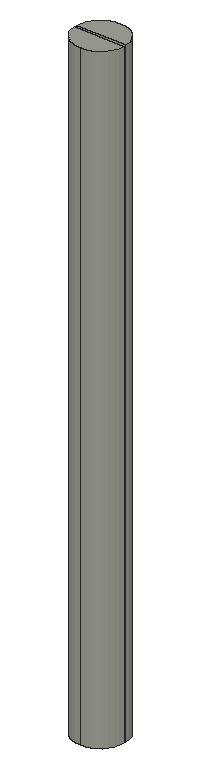
Revit family "CT_Pilar_Con_Circular_Junta", category Structural Columns, Revit 2025
Family settings
  Display in Hidden Views = Edges Hidden by Other Members
  Section Shape = Not Defined
  Material for Model Behavior = Concrete
  Always export as geometry = No
  Beam cutback in plan = From geometry
  OmniClass Number = 23.25.30.11.14.11
  OmniClass Title = Columns
  Cut with Voids When Loaded = No
  Symbolic Representation = From Family
  Shared = No
  Show family pre-cut in plan views = Yes
Parameters (values of type "PIL_040_BLC_CON_CIR_JDI")
  Structural Material [instance] = CT_Concreto
  Raio_Coluna = 200 mm
  Deslocamento_Eixo_Vertical [instance] = 0 mm
  Deslocamento_Eixo_Horiz [instance] = 0 mm
  Concreto_Capitel = CT_Concreto
Types (2, lengths in mm): name | Structural Material
  PIL_040_BLC_CON_CIR_JDI | CT_Concreto
  PIL_075_BLC_CON_CIR_JDI | none
Reference planes
  plane 1 "Center (Front/Back)": y = 0
  plane 2: z = 0
  plane 3 "Center (Left/Right)": x = 0
  plane 4: y = 0
  plane 5: x = 0
  plane 6: y = 10
  plane 7: y = -10
Forms (mm)
  Extrusion 1, solid, material "CT_Concreto" <- "Structural Material"
    sketch origin (0, 0, 0) x (1, 0, 0) y (0, 1, 0)
      loop
        arc (0, 200) -> (-137.84, 144.914) -> (-199.75, 10) r 200
        line (-199.75, 10) -> (199.75, 10)
        arc (199.75, 10) -> (137.84, 144.914) -> (0, 200) r 200
      loop
        arc (-199.75, -10) -> (-137.84, -144.914) -> (0, -200) r 200
        arc (0, -200) -> (137.84, -144.914) -> (199.75, -10) r 200
        line (199.75, -10) -> (-199.75, -10)
    from 0 to 5000
Dimensions and locks
  "Deslocamento_Eixo_Horiz": plane 1 "Center (Front/Back)" to plane 4
  "Deslocamento_Eixo_Vertical": plane 3 "Center (Left/Right)" to plane 5
  equal spacing: plane 6, plane 1 "Center (Front/Back)", plane 7
  "Raio_Coluna": radius of Extrusion 1 sketch curve  (x2)
  aligned and locked: level to plane 2
  aligned and locked: Extrusion 1 to plane 2
  aligned and locked: plane 5 to Extrusion 1 sketch curve  (x2)
  aligned and locked: level to Extrusion 1
  aligned and locked: Extrusion 1 to level
  aligned and locked: plane 7 to Extrusion 1 sketch curve  (x2)
  aligned and locked: plane 6 to Extrusion 1 sketch curve  (x2)
Automatic sketch dimensions
  Extrusion 1 sketch curve to Extrusion 1 sketch curve = 0 mm  (x3)
  plane 1 "Center (Front/Back)" to Extrusion 1 sketch curve = 0 mm
